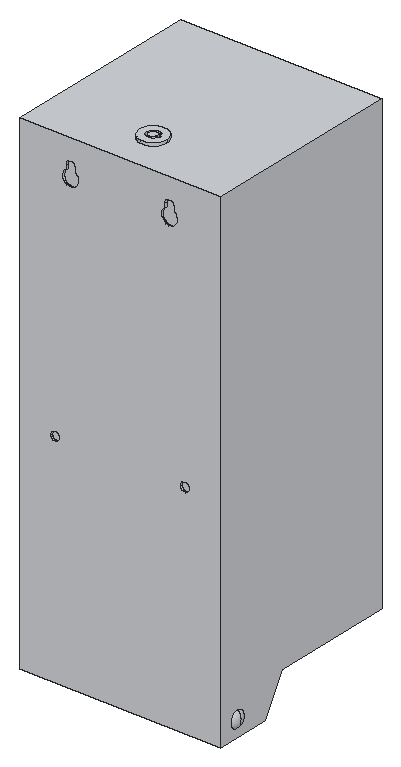
Revit family "AX9424-F_0004", category Appareils sanitaires, Revit 2016
Family settings
  Hôte = Mur
  Type d'élément = Normal
  Cote de connecteur circulaire = Utiliser le diamètre
  Numéro OmniClass = 23.75.00.00
  Titre OmniClass = Climate Control (HVAC)
  Toujours verticalement = Oui
  Couper avec des vides une fois chargée = Non
  Partagée = Non
  Point de calcul de pièce = Non
Parameters (values of type "Type 1")
  URL = "https://www.axeuro.com/fr/distributeurs-de-savon-gel-hydroalcoolique/26126-distributeur-de-savon-mousse-ax9424-f-3700926008575.html"
  Type de produit / Type of product = "Distributeur de savon mousse automatique / Automatic foam soap dispenser"  # constant formula
  Référence / Reference = "AX9424-F"  # constant formula
  Model = ""
  Manufacturer = ""
  Entreprise / Company = "Axeuro"  # constant formula
  Description = ""
Reference planes
  plane 1 "Mur": y = 0
  plane 2 "Centre (gauche/droite)": x = 0
  plane 3 "Arrière": y = 75
Forms (mm)
  Extrusion 1, solid, not visible
    sketch origin (0, 75, 32.766) x (1, 0, 0) y (0, 0, 1)
      loop
        line (124.636, 467.234) -> (-157.364, 467.234) -> (-157.364, 77.234) -> (124.636, 77.234) -> (124.636, 467.234)
      loop
        line (122.836, 465.434) -> (-155.564, 465.434) -> (-155.564, 79.034) -> (122.836, 79.034) -> (122.836, 465.434)
    from -110 to 0
  Extrusion 2, solid, not visible
    sketch origin (0, 0, 32.766) x (0, 1, 0) y (0, 0, 1)
      loop
        line (75, 467.234) -> (75, 77.234) -> (76.843, 77.234) -> (76.843, 467.234) -> (75, 467.234)
    from -157.364 to 124.636
  Extrusion 3, solid, not visible
    sketch origin (0, 75, 32.766) x (1, 0, 0) y (0, 0, 1)
      loop
        line (122.836, 465.434) -> (-155.564, 465.434) -> (-155.564, 296.437) -> (122.836, 296.437) -> (122.836, 465.434)
    from -110 to 0
  Extrusion 4, solid, not visible
    sketch origin (0, 75, -184.637) x (1, 0, 0) y (0, 0, 1)
      loop
        line (122.836, 513.841) -> (-155.564, 513.841) -> (-155.564, 296.437) -> (122.836, 296.437) -> (122.836, 513.841)
    from -110 to 0
  Extrusion 5, solid, not visible
    sketch origin (-17.336, 75, 48.525) x (1, 0, 0) y (0, 0, 1)
      loop
        circle (-91.889, 325.864) r 19.45
    from -110.457 to -110
  Extrusion 6, void, not visible
    sketch origin (-11.211, 0, 5.271) x (1, 0, 0) y (0, 0, 1)
      loop
        circle (-109.008, 447.263) r 3
    from -76.843 to -75
  Extrusion 7, solid, not visible
    sketch origin (0, 75, 32.766) x (1, 0, 0) y (0, 0, 1)
      loop
        line (124.636, 467.234) -> (-157.364, 467.234) -> (-157.364, 77.234) -> (124.636, 77.234) -> (124.636, 467.234)
      loop
        line (122.836, 465.434) -> (-155.564, 465.434) -> (-155.564, 79.034) -> (122.836, 79.034) -> (122.836, 465.434)
    from -110 to 0
  Extrusion 8, solid, not visible
    sketch origin (0, 75, 32.766) x (1, 0, 0) y (0, 0, 1)
      loop
        line (122.836, 465.434) -> (-155.564, 465.434) -> (-155.564, 296.437) -> (122.836, 296.437) -> (122.836, 465.434)
    from -110 to 0
  Extrusion 9, solid, not visible
    sketch origin (0, 75, -184.637) x (1, 0, 0) y (0, 0, 1)
      loop
        line (122.836, 513.841) -> (-155.564, 513.841) -> (-155.564, 296.437) -> (122.836, 296.437) -> (122.836, 513.841)
    from -110 to 0
  Extrusion 10, solid, not visible
    sketch origin (-17.336, 75, 48.525) x (1, 0, 0) y (0, 0, 1)
      loop
        circle (-91.889, 325.864) r 19.45
    from -110.457 to -110
  Extrusion 11, void, not visible
    sketch origin (-11.211, 0, 5.271) x (1, 0, 0) y (0, 0, 1)
      loop
        circle (-109.008, 447.263) r 3
    from -76.843 to -75
  Extrusion 12, solid
    sketch origin (45.053, -71.24, 0) x (1, 0, 0) y (0, 1, 0)
      loop
        line (-100.053, 146.24) -> (9.947, 146.24) -> (9.947, 256.24) -> (-100.053, 256.24) -> (-100.053, 146.24)
    from 270 to 540
  Extrusion 13, void
    sketch origin (0, 0, 0) x (0, 1, 0) y (0, 0, 1)
      loop
        line (105, 270) -> (185, 270) -> (185, 290) -> (117, 290) -> (105, 270)
    from -55 to 55
  Extrusion 14, void
    sketch origin (-48.587, 0, 27.144) x (1, 0, 0) y (0, 0, 1)
      loop
        arc (19.087, 496.877) -> (21.587, 488.856) -> (24.087, 496.877) r 4.4
        line (24.087, 496.877) -> (24.087, 499.356)
        arc (24.087, 499.356) -> (21.587, 501.856) -> (19.087, 499.356) r 2.5
        line (19.087, 499.356) -> (19.087, 496.877)
    from -75.849 to -75
  Extrusion 15, void
    sketch origin (48.587, 0, 27.144) x (-1, 0, 0) y (0, 0, -1)
      loop
        line (19.087, -496.877) -> (19.087, -499.356)
        arc (19.087, -499.356) -> (21.587, -501.856) -> (24.087, -499.356) r 2.5
        line (24.087, -499.356) -> (24.087, -496.877)
        arc (24.087, -496.877) -> (21.587, -488.856) -> (19.087, -496.877) r 4.4
    from -75.849 to -75
  Extrusion 16, void
    sketch origin (0, 0, -6.997) x (-1, 0, 0) y (0, 0, -1)
      loop
        circle (-35.5, -398) r 2.5
    from -75.849 to -75
  Extrusion 17, void
    sketch origin (0, 0, -6.997) x (1, 0, 0) y (0, 0, 1)
      loop
        circle (-35.5, 398) r 2.5
    from -75.849 to -75
  Revolve 18, solid
    sketch origin (0, 86, -2.553) x (1, 0, 0) y (0, 0, 1)
      loop
        line (55, 282.053) -> (57, 282.053)
        arc (57, 282.053) -> (56.566, 284.554) -> (55, 286.553) r 5.204
        line (55, 286.553) -> (55, 282.053)
      axis (55, 282.053) -> (57, 282.053)
    angle from 0 to 360
  Revolve 19, solid
    sketch origin (0, 86, -2.553) x (-1, 0, 0) y (0, 0, -1)
      loop
        line (55, -282.053) -> (55, -286.553)
        arc (55, -286.553) -> (56.566, -284.554) -> (57, -282.053) r 5.204
        line (57, -282.053) -> (55, -282.053)
      axis (55, -282.053) -> (57, -282.053)
    angle from 0 to 360
  Extrusion 20, void
    sketch origin (-7.15, 75, -11.972) x (1, 0, 0) y (0, 0, 1)
      loop
        circle (32.65, 319.472) r 2.5
    from -110 to -108.683
  Extrusion 21, solid
    sketch origin (-90.696, -44.043, 0) x (1, 0, 0) y (0, 1, 0)
      loop
        circle (90.696, 141.543) r 7.5
      loop
        circle (90.696, 141.543) r 3.506
    from 540 to 541.5
  Extrusion 22, solid
    sketch origin (0, -3.506, 0) x (1, 0, 0) y (0, 1, 0)
      loop
        circle (0, 101.006) r 2.421
    from 540 to 541.5
  Extrusion 23, void
    sketch origin (0, 0.009, 0) x (-1, 0, 0) y (0, -1, 0)
      loop
        line (-3.922, -97.938) -> (-1.695, -97.938) -> (-1.695, -97.043) -> (-3.922, -97.043) -> (-3.922, -97.938)
    from 540 to 541.5
  Extrusion 24, void
    sketch origin (104.781, 75, -52.822) x (1, 0, 0) y (0, 0, 1)
      loop
        arc (-100.781, 524.822) -> (-104.781, 528.822) -> (-108.781, 524.822) r 4
        line (-108.781, 524.822) -> (-108.781, 444.822)
        arc (-108.781, 444.822) -> (-104.781, 440.822) -> (-100.781, 444.822) r 4
        line (-100.781, 444.822) -> (-100.781, 524.822)
    from -110 to -108.683
Cuts and joins
  Extrusion 13, Extrusion 14, Extrusion 15, Extrusion 16, Extrusion 17, Extrusion 20, Extrusion 23, Extrusion 24 cuts Extrusion 12
  Extrusion 23 cuts Extrusion 21
  Extrusion 23 cuts Extrusion 22
Text (mm)
  text "Côté de la mise en place" at (-1820.995, 1116.779, 0), in view "Niveau de réf."
  text "Côté de la mise en place" at (0, 1334.055, 2976.191), in view "Gauche"
  text "Côté de la mise en place" at (0, 439.194, 2944.362), in view "Droite"
Dimensions and locks
  host wall to plane 3 "Arrière" = 75 mm
  aligned and locked: plane 1 "Mur" to host wall
